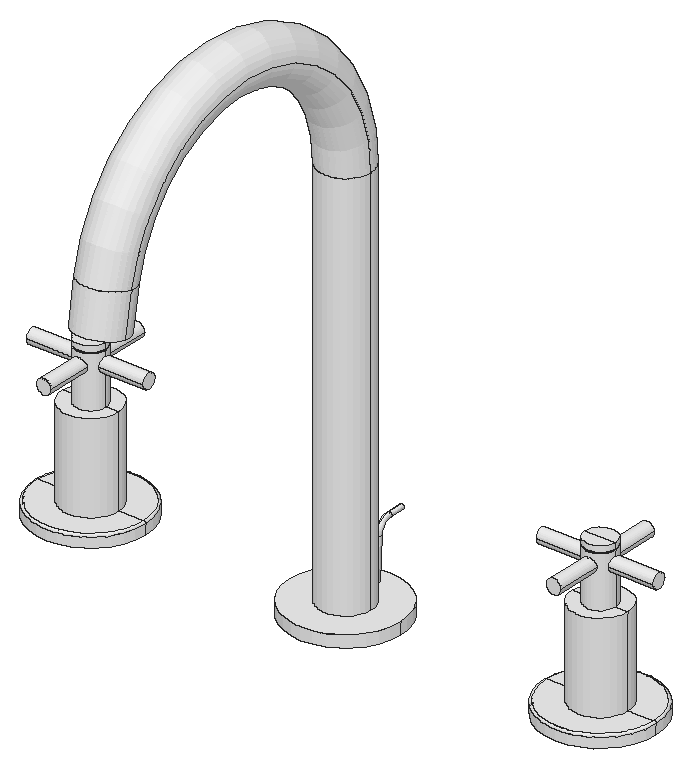
Revit family "Faucet-Lavatory-Grohe-Atrio-18026_Series", category Plumbing Fixtures, Revit 2014
Parameters (values of type "18026003")
  cUPC Compliant = yes
  Waste Connection = no
  Warranty Documentation Link = "https://cdn.cloud.grohe.com/tpi/1000/1900/1940/1949/1949006/original/1949006.pdf"
  WFU = 2  # constant formula
  Vent Connection = no
  URL = "http://www.grohe.com"
  Product Page URL = "https://www.grohe.us/en_us/atrio-cross-handles-18026003.html"
  Price = "Prices may vary. Please consult Manufacturer Representative for most up-to-date price list."  # constant formula
  Model = "18026003"
  Material = "Metal-Grohe-003-Chrome"
  Manufacturer = "Grohe"
  Length = 6"
  Installation Type = "Deck-Mounted"
  Hot Water Connection Diameter = 3/8"
  Height = 11 3/8"
  Handle Distance [instance] = 10"
  HWFU = 1.5  # constant formula
  HW Connection = yes
  Flow Rate = "1.5 gpm (5.7 L/min)"
  Finish = Metal-Grohe-003-Chrome
  Description = "Atrio Three-hole basin mixer 1/2\" M-Size"
  Default Elevation = 0"
  Creation Date = "11/05/2018"  # constant formula
  Cold Water Connection Diameter = 3/8"
  CalGreen Compliant = yes
  CWFU = 1.5  # constant formula
  CW Connection = yes
  Assembly Code = "D2020300"
Types (3): name | Product Page URL | Model | Material | Finish
  (no name) | "https://www.grohe.us/en_us/atrio-cross-handles-18026003.html" | "18026003" | "Metal-Grohe-003-Chrome" | Metal-Grohe-003-Chrome
  18026003 | "https://www.grohe.us/en_us/atrio-cross-handles-18026003.html" | "18026003" | "Metal-Grohe-003-Chrome" | Metal-Grohe-003-Chrome
  18026EN3 | "https://www.grohe.us/en_us/atrio-cross-handles-18026EN3.html" | "18026EN3" | "Metal-Grohe-EN3-Brushed Nickel" | Metal-Grohe-EN3-Brushed Nickel
Reference planes (in)
  plane 1 "Center (Front/Back)": y = 0
  plane 2: z = 0
  plane 3 "Center (Left/Right)": x = 0
  plane 4: x = 5
  plane 5: x = -5
  plane 6: x = -3.90625
  plane 7: x = -6.09375
  plane 8: x = 1.09375
  plane 9: x = -1.09375
  plane 10: y = -6
  plane 11: z = 4.125
  plane 12: z = 1.75
  plane 13: x = -7.625
  plane 14: x = -0.81909
  plane 15: x = 0.81909
  plane 16: x = 3.90625
  plane 17: x = 6.09375
  plane 18: x = 7.625
  plane 19: y = -5.77806
  plane 20: z = 2.8485
  plane 21: z = 7.625
  plane 22: through (0, -6, 7.625) normal (0, -0.9848, 0.1736)
  plane 23: z = 11.375
  plane 24: z = 10.875
  plane 25: x = -6.14329
  plane 26: x = -3.85671
  plane 27: x = 6.14329
  plane 28: x = 3.85671
Forms (in)
  Revolve 1, solid, material "Metal-Grohe-003-Chrome" <- "Finish"
    sketch origin (0, 0, 0) x (1, 0, 0) y (0, 0, 1)
      loop
        line (-5, 0) -> (-3.91764, 0) -> (-3.91764, 0.19551)
        arc (-3.91764, 0.19551) -> (-3.92956, 0.2243) -> (-3.95835, 0.23622) r 0.04071
        line (-3.95835, 0.23622) -> (-4.45463, 0.23622) -> (-4.45463, 1.97644) -> (-4.70463, 1.97644) -> (-4.70463, 2.97125) -> (-4.73686, 2.97125) -> (-4.73686, 3.00425) -> (-4.70463, 3.00425) -> (-4.70463, 3.10594) -> (-5, 3.10594) -> (-5, 0)
      axis (-5, 3.10594) -> (-5, 0)
    angle from 0 to 360
  Revolve 2, solid, material "Metal-Grohe-003-Chrome" <- "Finish"
    sketch origin (0, 0, 0) x (-1, 0, 0) y (0, 0, 1)
      loop
        line (-5, 0) -> (-5, 3.10594) -> (-5.29537, 3.10594) -> (-5.29537, 3.00425) -> (-5.26314, 3.00425) -> (-5.26314, 2.97125) -> (-5.29537, 2.97125) -> (-5.29537, 1.97644) -> (-5.54537, 1.97644) -> (-5.54537, 0.23622) -> (-6.05304, 0.23622)
        arc (-6.05304, 0.23622) -> (-6.08182, 0.2243) -> (-6.09375, 0.19551) r 0.04071
        line (-6.09375, 0.19551) -> (-6.09375, 0) -> (-5, 0)
      axis (-5, 3.10594) -> (-5, 0)
    angle from 0 to 360
  Sweep 3, solid, material "Metal-Grohe-003-Chrome" <- "Finish"
    path origin (0, 0, 0) x (0, 1, 0) y (0, 0, 1)
      loop
        line (-6, 7.625) -> (-5.85689, 8.43663)
        arc (-5.85689, 8.43663) -> (-2.69367, 10.86385) -> (0, 7.92422) r 2.95086
        line (0, 7.92422) -> (0, 0.23622)
    profile origin (0, 0, 4.08022) x (1, 0, 0) y (0, 1, 0)
      loop
        circle (0, 0) r 0.5
  Extrusion 4, solid, material "Metal-Grohe-003-Chrome" <- "Finish"
    sketch origin (0, 0, 0.03125) x (1, 0, 0) y (0, 0, 1)
      loop
        circle (-5, 2.69969) r 0.14063
      loop
        circle (5, 2.69969) r 0.14063
    from -1.14329 to 1.14329
  Extrusion 5, solid, material "Metal-Grohe-003-Chrome" <- "Finish"
    sketch origin (0, 0, 0) x (0, 1, 0) y (0, 0, 1)
      loop
        circle (0, 2.73094) r 0.13992
    from -6.14329 to -3.85671
  Extrusion 6, solid, material "Metal-Grohe-003-Chrome" <- "Finish"
    sketch origin (0, 0, 0) x (0, 1, 0) y (0, 0, -1)
      loop
        circle (0, -2.73094) r 0.13992
    from -6.14329 to -3.85671
  Extrusion 7, solid, material "Metal-Grohe-003-Chrome" <- "Finish"
    sketch origin (0, 0, 0) x (1, 0, 0) y (0, 1, 0)
      loop
        circle (0, 0) r 1.08278
    from 0 to 0.23622
  Sweep 8, solid, material "Metal-Grohe-003-Chrome" <- "Finish"
    path origin (0, 0, 0) x (0, 1, 0) y (0, 0, 1)
      loop
        line (0.76813, 0.05497) -> (0.8193, 1.03139)
        arc (0.8193, 1.03139) -> (0.89687, 1.19965) -> (1.06896, 1.2683) r 0.25
        line (1.06896, 1.2683) -> (1.38417, 1.2683)
    profile origin (0, 0.79372, 0.54318) x (0, -0.99863, 0.052336) y (1, 0, 0)
      loop
        circle (0, 0) r 0.04489
Cuts and joins
  joined: Revolve 1, Revolve 2, Sweep 3, Extrusion 4, Extrusion 5, Extrusion 6, Extrusion 7, Sweep 8
Lines and regions (in)
  Masking region 1
    outline origin (0, 0, 0) x (1, 0, 0) y (0, 1, 0)
      loop
        arc (0.5, -0.96042) -> (1.05685, 0.23552) -> (0.04489, 1.08185) r 1.08278
        line (0.04489, 1.08185) -> (0.04489, 1.38417) -> (-0.04489, 1.38417) -> (-0.04489, 1.08185)
        arc (-0.04489, 1.08185) -> (-1.05685, 0.23552) -> (-0.5, -0.96042) r 1.08278
        line (-0.5, -0.96042) -> (-0.5, -6)
        arc (-0.5, -6) -> (0, -6.5) -> (0.5, -6) r 0.5
        line (0.5, -6) -> (0.5, -0.96042)
      loop
        arc (-4.85937, -1.07319) -> (-4.23465, -0.76535) -> (-3.92681, -0.14062) r 1.08236
        line (-3.92681, -0.14062) -> (-3.85671, -0.14063) -> (-3.85671, 0.14062) -> (-3.92681, 0.14062)
        arc (-3.92681, 0.14062) -> (-4.23465, 0.76535) -> (-4.85937, 1.07319) r 1.08236
        line (-4.85937, 1.07319) -> (-4.85937, 1.14329) -> (-5.14062, 1.14329) -> (-5.14062, 1.07319)
        arc (-5.14062, 1.07319) -> (-5.76535, 0.76535) -> (-6.07319, 0.14063) r 1.08236
        line (-6.07319, 0.14063) -> (-6.14329, 0.14062) -> (-6.14329, -0.14063) -> (-6.07319, -0.14063)
        arc (-6.07319, -0.14063) -> (-5.76535, -0.76535) -> (-5.14062, -1.07319) r 1.08236
        line (-5.14062, -1.07319) -> (-5.14062, -1.14329) -> (-4.85937, -1.14329) -> (-4.85937, -1.07319)
      loop
        arc (5.14063, -1.07319) -> (5.76535, -0.76535) -> (6.07319, -0.14063) r 1.08236
        line (6.07319, -0.14063) -> (6.14329, -0.14063) -> (6.14329, 0.14062) -> (6.07319, 0.14062)
        arc (6.07319, 0.14062) -> (5.76535, 0.76535) -> (5.14063, 1.07319) r 1.08236
        line (5.14063, 1.07319) -> (5.14063, 1.14329) -> (4.85938, 1.14329) -> (4.85938, 1.07319)
        arc (4.85938, 1.07319) -> (4.23465, 0.76535) -> (3.92681, 0.14062) r 1.08236
        line (3.92681, 0.14062) -> (3.85671, 0.14062) -> (3.85671, -0.14063) -> (3.92681, -0.14063)
        arc (3.92681, -0.14063) -> (4.23465, -0.76535) -> (4.85938, -1.07319) r 1.08236
        line (4.85938, -1.07319) -> (4.85938, -1.14329) -> (5.14063, -1.14329) -> (5.14063, -1.07319)
  symbolic lines, detail levels medium+fine
    curve 1: line (-5.14062, 1.07319, 0) -> (-5.14062, 0.52693, 0)
    curve 2: line (-6.07319, 0.14062, 0) -> (-5.52693, 0.14062, 0)
    curve 3: line (-6.07319, -0.14063, 0) -> (-5.52693, -0.14063, 0)
    curve 4: line (-5.14062, -1.07319, 0) -> (-5.14062, -0.52693, 0)
    curve 5: line (-4.85937, -1.07319, 0) -> (-4.85937, -0.52693, 0)
    curve 6: line (-3.92681, -0.14063, 0) -> (-4.47307, -0.14063, 0)
    curve 7: line (-3.92681, 0.14062, 0) -> (-4.47307, 0.14062, 0)
    curve 8: line (-4.85937, 1.07319, 0) -> (-4.85937, 0.52693, 0)
    curve 9: arc (-5.14062, 0.52693, 0) -> (-5.38564, 0.38564, 0) -> (-5.52693, 0.14063, 0) r 0.54537
    curve 10: arc (-4.47307, 0.14063, 0) -> (-4.61436, 0.38564, 0) -> (-4.85937, 0.52693, 0) r 0.54537
    curve 11: arc (-4.85937, -0.52693, 0) -> (-4.61436, -0.38564, 0) -> (-4.47307, -0.14062, 0) r 0.54537
    curve 12: arc (-5.14062, -0.52693, 0) -> (-5.38564, -0.38564, 0) -> (-5.52693, -0.14062, 0) r 0.54537
    curve 13: line (5.14063, 1.07319, 0) -> (5.14063, 0.52693, 0)
    curve 14: line (6.07319, 0.14062, 0) -> (5.52693, 0.14062, 0)
    curve 15: line (6.07319, -0.14063, 0) -> (5.52693, -0.14063, 0)
    curve 16: line (5.14063, -1.07319, 0) -> (5.14063, -0.52693, 0)
    curve 17: line (4.85938, -1.07319, 0) -> (4.85938, -0.52693, 0)
    curve 18: line (3.92681, -0.14063, 0) -> (4.47307, -0.14063, 0)
    curve 19: line (3.92681, 0.14062, 0) -> (4.47307, 0.14062, 0)
    curve 20: line (4.85938, 1.07319, 0) -> (4.85938, 0.52693, 0)
    curve 21: arc (5.14063, 0.52693, 0) -> (5.38564, 0.38564, 0) -> (5.52693, 0.14063, 0) r 0.54537
    curve 22: arc (4.47307, 0.14063, 0) -> (4.61436, 0.38564, 0) -> (4.85938, 0.52693, 0) r 0.54537
    curve 23: arc (4.85938, -0.52693, 0) -> (4.61436, -0.38564, 0) -> (4.47307, -0.14062, 0) r 0.54537
    curve 24: arc (5.14063, -0.52693, 0) -> (5.38564, -0.38564, 0) -> (5.52693, -0.14063, 0) r 0.54537
  symbolic lines, detail levels fine
    curve 25: arc (0.5, 0, 0) -> (0, 0.5, 0) -> (-0.5, 0, 0) r 0.5
    curve 26: line (-0.5, 0, 0) -> (-0.5, -0.96042, 0)
    curve 27: line (0.5, -0.96042, 0) -> (0.5, 0, 0)
    curve 28: circle (-5, 0, 0) r 0.29537 normal (0, 0, 1)
    curve 29: circle (5, 0, 0) r 0.29537 normal (0, 0, 1)
    curve 30: line (4.85938, 0.52693, 0) -> (4.85938, 0.25975, 0)
    curve 31: line (5.14063, 0.52693, 0) -> (5.14063, 0.25975, 0)
    curve 32: line (5.52693, 0.14062, 0) -> (5.25975, 0.14062, 0)
    curve 33: line (5.52693, -0.14063, 0) -> (5.25975, -0.14063, 0)
    curve 34: line (4.47307, -0.14063, 0) -> (4.74025, -0.14063, 0)
    curve 35: line (4.47307, 0.14062, 0) -> (4.74025, 0.14062, 0)
    curve 36: line (-5.14062, 0.52693, 0) -> (-5.14062, 0.25975, 0)
    curve 37: line (-4.85937, 0.52693, 0) -> (-4.85937, 0.25975, 0)
    curve 38: line (-4.47307, 0.14062, 0) -> (-4.74025, 0.14062, 0)
    curve 39: line (-4.47307, -0.14063, 0) -> (-4.74025, -0.14063, 0)
    curve 40: line (-4.85937, -0.52693, 0) -> (-4.85937, -0.25975, 0)
    curve 41: line (-5.14062, -0.52693, 0) -> (-5.14062, -0.25975, 0)
    curve 42: line (-5.52693, -0.14063, 0) -> (-5.25975, -0.14063, 0)
    curve 43: line (-5.52693, 0.14062, 0) -> (-5.25975, 0.14062, 0)
    curve 44: line (-0.04489, 1.08185, 0) -> (-0.04489, 0.77684, 0)
    curve 45: arc (-0.04489, 0.77684, 0) -> (0, 0.73195, 0) -> (0.04489, 0.77684, 0) r 0.04489
    curve 46: line (0.04489, 0.77684, 0) -> (0.04489, 1.08185, 0)
    curve 47: line (4.85938, -0.52693, 0) -> (4.85938, -0.25975, 0)
    curve 48: line (5.14063, -0.52693, 0) -> (5.14063, -0.25975, 0)
Dimensions and locks (in)
  "Handle Distance": plane 5 to plane 4
  plane 11 to plane 2 = 4 1/8"
  locked: plane 7 to plane 6 at 2.1875
  plane 9 to plane 8 = 2 3/16"
  plane 11 to level = 4 1/8"
  plane 1 "Center (Front/Back)" to plane 10 = 6"
  locked: plane 6 to plane 5 at 1.09375
  locked: plane 13 to plane 5 at 2.625
  locked: plane 17 to plane 16 at 2.1875
  locked: plane 4 to plane 16 at 1.09375
  locked: plane 18 to plane 4 at 2.625
  equal spacing: plane 5, plane 3 "Center (Left/Right)", plane 4
  plane 21 to level = 7 5/8"
  plane 23 to level = 11 3/8"
  equal spacing: plane 25, plane 5, plane 26
  locked: plane 25 to plane 26 at 2.28658
  equal spacing: plane 28, plane 4, plane 27
  locked: plane 28 to plane 27 at 2.28658
  angle plane 10 to plane 22 = 10.00°
  aligned and locked: plane 5 to Revolve 1 sketch curve  (x2)
  aligned and locked: Revolve 2 sketch curve to plane 17
  aligned and locked: Masking region 1 to Extrusion 5  (x2)
  aligned and locked: plane 28 to cut or joined group of Revolve 1, Revolve 2, Sweep 3, Extrusion 4, Extrusion 5, Extrusion 6, Extrusion 7, Sweep 8
  aligned and locked: cut or joined group of Revolve 1, Revolve 2, Sweep 3, Extrusion 4, Extrusion 5, Extrusion 6, Extrusion 7, Sweep 8 to plane 27
  aligned and locked: Extrusion 5 to plane 26
Automatic sketch dimensions
  Revolve 1 sketch curve to level = 0"
  Revolve 1 sketch curve to plane 20 = 0.12275"
  Revolve 1 sketch curve to plane 5 = 0.26314"
  Revolve 1 sketch curve to Revolve 1 sketch curve = 0.03224"  (x2)
  Revolve 1 sketch curve to Revolve 1 sketch curve = 1/4"
  Revolve 1 sketch curve to plane 6 = 0.0521"
  Revolve 1 sketch curve to plane 6 = 0.01139"
  level to Revolve 1 sketch curve = 0.19551"
  Revolve 1 sketch curve to plane 12 = 0.22644"
  Revolve 1 sketch curve to Revolve 1 sketch curve = 0.033"
  Revolve 1 sketch curve to Revolve 1 sketch curve = 0.10169"
  Revolve 1 sketch curve to Revolve 1 sketch curve = 0.33455"
  Revolve 1 sketch curve to Revolve 1 sketch curve = 0.41545"
  Revolve 2 sketch curve to level = 0"
  Revolve 2 sketch curve to plane 4 = 0"  (x2)
  Revolve 2 sketch curve to Revolve 2 sketch curve = 0.04071"
  plane 12 to Revolve 2 sketch curve = 0.22644"
  Revolve 2 sketch curve to plane 4 = 0.54537"
  plane 20 to Revolve 2 sketch curve = 0.12275"
  Revolve 2 sketch curve to plane 4 = 0.29537"
  Revolve 2 sketch curve to Revolve 2 sketch curve = 0"
  Revolve 2 sketch curve to Revolve 2 sketch curve = 0.03224"
  Revolve 2 sketch curve to Revolve 2 sketch curve = 0.19551"
  Revolve 2 sketch curve to Revolve 2 sketch curve = 0.033"
  Revolve 2 sketch curve to Revolve 2 sketch curve = 0.10169"
  level to Revolve 2 sketch curve = 0.33455"
  Revolve 2 sketch curve to Revolve 2 sketch curve = 0.41545"
  Sweep 3 sketch curve to plane 3 "Center (Left/Right)" = 0"
  profile plane to Sweep 3 sketch curve = 0"
  plane 5 to Extrusion 4 sketch curve = 0"
  Extrusion 4 sketch curve to plane 4 = 0"
  plane 20 to Extrusion 4 sketch curve = 0.11756"  (x2)
  Extrusion 5 sketch curve to plane 1 "Center (Front/Back)" = 0"
  plane 20 to Extrusion 5 sketch curve = 0.11756"
  Extrusion 6 sketch curve to plane 1 "Center (Front/Back)" = 0"
  plane 20 to Extrusion 6 sketch curve = 0.11756"
  plane 1 "Center (Front/Back)" to Extrusion 7 sketch curve = 0"
  Extrusion 7 sketch curve to plane 3 "Center (Left/Right)" = 0"
  Sweep 3 sketch curve to plane 10 = 0"
  Sweep 3 sketch curve to plane 22 = 0"
  Sweep 3 sketch curve to plane 1 "Center (Front/Back)" = 0"
  Sweep 3 sketch curve to plane 21 = 0"
  Sweep 3 sketch curve to plane 19 = 0.07883"
  plane 21 to Sweep 3 sketch curve = 0.29922"
  level to Sweep 3 sketch curve = 0.23622"
  Sweep 8 sketch curve to plane 1 "Center (Front/Back)" = 0.8193"
  Sweep 8 sketch curve to Sweep 8 sketch curve = 0.24966"
  plane 12 to Sweep 8 sketch curve = 0.7317"
  Sweep 8 sketch curve to Sweep 8 sketch curve = 0.01308"
  level to Sweep 8 sketch curve = 0.05497"
  Sweep 8 sketch curve to plane 1 "Center (Front/Back)" = 0.76813"
  Sweep 8 sketch curve to Sweep 8 sketch curve = 0.3152"
  Sweep 8 sketch curve to plane 3 "Center (Left/Right)" = 0"
  Sweep 8 sketch curve to profile plane = 0"
  Masking region 1 sketch curve to Masking region 1 sketch curve = 0"  (x26)
  plane 1 "Center (Front/Back)" to Masking region 1 sketch curve = 0"  (x3)
  Masking region 1 sketch curve to plane 5 = 0"
  plane 10 to Masking region 1 sketch curve = 0"  (x2)
  Masking region 1 sketch curve to plane 3 "Center (Left/Right)" = 0"  (x2)
  Masking region 1 sketch curve to plane 4 = 0"
  plane 5 to Masking region 1 sketch curve = 9/64"  (x2)
  Masking region 1 sketch curve to plane 7 = 0.02056"  (x2)
  plane 7 to Masking region 1 sketch curve = 0.04954"
  Masking region 1 sketch curve to plane 5 = 9/64"  (x2)
  Masking region 1 sketch curve to plane 6 = 0.02056"  (x2)
  plane 6 to Masking region 1 sketch curve = 0.04954"
  plane 14 to Masking region 1 sketch curve = 0.31909"
  Masking region 1 sketch curve to plane 3 "Center (Left/Right)" = 0.04489"
  plane 3 "Center (Left/Right)" to Masking region 1 sketch curve = 0.04489"
  plane 16 to Masking region 1 sketch curve = 0.04954"
  Masking region 1 sketch curve to plane 16 = 0.02056"  (x2)
  Masking region 1 sketch curve to plane 4 = 9/64"  (x2)
  plane 4 to Masking region 1 sketch curve = 9/64"  (x2)
  Masking region 1 sketch curve to plane 17 = 0.02056"  (x2)
  plane 17 to Masking region 1 sketch curve = 0.04954"
  plane 1 "Center (Front/Back)" to Masking region 1 sketch curve = 1.14329"  (x2)
  Masking region 1 sketch curve to Masking region 1 sketch curve = 0.0701"  (x6)
  plane 1 "Center (Front/Back)" to Masking region 1 sketch curve = 0.96042"  (x2)
  Masking region 1 sketch curve to plane 1 "Center (Front/Back)" = 9/64"  (x4)
  Masking region 1 sketch curve to Masking region 1 sketch curve = 0.30232"
  curve 9 to curve 10 = 0"  (x2)
  curve 9 to curve 11 = 0"  (x2)
  curve 9 to curve 12 = 0"  (x2)
  curve 9 to curve 28 = 0"  (x2)
  curve 10 to curve 11 = 0"  (x2)
  curve 10 to curve 12 = 0"  (x2)
  curve 10 to curve 28 = 0"  (x2)
  curve 11 to curve 12 = 0"  (x2)
  curve 11 to curve 28 = 0"  (x2)
  curve 12 to curve 28 = 0"  (x2)
  curve 21 to curve 22 = 0"  (x2)
  curve 21 to curve 23 = 0"  (x2)
  curve 21 to curve 24 = 0"  (x2)
  curve 21 to curve 29 = 0"  (x2)
  curve 22 to curve 23 = 0"  (x2)
  curve 22 to curve 24 = 0"  (x2)
  curve 22 to curve 29 = 0"  (x2)
  curve 23 to curve 24 = 0"  (x2)
  curve 23 to curve 29 = 0"  (x2)
  curve 24 to curve 29 = 0"  (x2)
  plane 1 "Center (Front/Back)" to curve 9 = 0"
  curve 9 to plane 5 = 0"
  plane 1 "Center (Front/Back)" to curve 25 = 0"
  curve 45 to plane 3 "Center (Left/Right)" = 0"
  curve 25 to plane 3 "Center (Left/Right)" = 0"
  plane 1 "Center (Front/Back)" to curve 24 = 0"
  curve 24 to plane 4 = 0"
  plane 5 to curve 36 = 9/64"
  plane 5 to curve 41 = 9/64"
  plane 1 "Center (Front/Back)" to curve 42 = 9/64"
  curve 42 to curve 41 = 0.38631"
  curve 43 to plane 1 "Center (Front/Back)" = 9/64"
  curve 43 to curve 12 = 0"
  curve 37 to plane 5 = 9/64"
  curve 5 to plane 5 = 9/64"
  plane 1 "Center (Front/Back)" to curve 39 = 9/64"
  curve 40 to curve 39 = 0.38631"
  curve 38 to plane 1 "Center (Front/Back)" = 9/64"
  curve 38 to curve 11 = 0"
  plane 14 to curve 26 = 0.31909"
  curve 44 to plane 3 "Center (Left/Right)" = 0.04489"
  plane 1 "Center (Front/Back)" to curve 18 = 9/64"
  curve 18 to plane 4 = 0.52693"
  curve 19 to plane 1 "Center (Front/Back)" = 9/64"
  curve 19 to curve 23 = 0"
  curve 47 to plane 4 = 9/64"
  curve 20 to plane 4 = 9/64"
  plane 4 to curve 13 = 9/64"
  plane 4 to curve 48 = 9/64"
  curve 14 to plane 1 "Center (Front/Back)" = 9/64"
  curve 31 to curve 14 = 0.38631"
  plane 1 "Center (Front/Back)" to curve 15 = 9/64"
  curve 15 to curve 14 = 0"
  curve 44 to plane 1 "Center (Front/Back)" = 0.77684"
  curve 42 to curve 41 = 0.11913"
  curve 3 to plane 7 = 0.02056"
  curve 2 to plane 7 = 0.02056"
  curve 7 to plane 6 = 0.02056"
  curve 6 to plane 6 = 0.02056"
  curve 19 to plane 16 = 0.02056"
  curve 18 to plane 16 = 0.02056"
  curve 34 to curve 47 = 0.11913"
  curve 15 to plane 17 = 0.02056"
  curve 14 to plane 17 = 0.02056"
  plane 1 "Center (Front/Back)" to curve 27 = 0.96042"
  plane 1 "Center (Front/Back)" to curve 26 = 0.96042"
  curve 17 to curve 17 = 0.54626"
  curve 4 to curve 12 = 0.54626"
  curve 4 to curve 5 = 0"
  curve 17 to curve 16 = 0"
  curve 22 to curve 20 = 0.54626"
  curve 20 to curve 13 = 0"
  curve 10 to curve 8 = 0.54626"
  curve 1 to curve 8 = 0"
  curve 45 to curve 44 = 0.30501"
  curve 44 to curve 46 = 0"
  radius of Sweep 3 sketch curve = 1/2"
  radius of Extrusion 4 sketch curve = 9/64"  (x2)
  radius of Extrusion 5 sketch curve = 0.13992"
  radius of Extrusion 6 sketch curve = 0.13992"
  radius of Extrusion 7 sketch curve = 1.08278"
  radius of Sweep 8 sketch curve = 0.04489"
Connectors (in)
  piping at (-5, 0, 0), diameter 0.375, driven by "Cold Water Connection Diameter", driven by "HWFU"
    settings: on cut or joined group of Revolve 1, Revolve 2, Sweep 3, Extrusion 4, Extrusion 5, Extrusion 6, Extrusion 7, Sweep 8, index 1, connector inside diameter 24", connector length 0", flow factor 0, pipe flow 0 GPM, pressure drop 0.00 psi, fitting loss kfactor 0, connector angle 0.00°, fixture units 1.5, engagement length 0", angle of deflection 0.00°, flow configuration 3, flow direction 1, fitting loss method 0, system type 19, joint type 0, gender type 0, connector reference index -1, connector utility 0, adjustable connector no, is connector primary yes, connector description "3/8\" HW Inlet Connection"
  piping at (5, 0, 0), diameter 0.375, driven by "CWFU", driven by "Cold Water Connection Diameter"
    settings: on cut or joined group of Revolve 1, Revolve 2, Sweep 3, Extrusion 4, Extrusion 5, Extrusion 6, Extrusion 7, Sweep 8, index 2, connector inside diameter 24", connector length 0", flow factor 0, pipe flow 0 GPM, pressure drop 0.00 psi, fitting loss kfactor 0, connector angle 0.00°, fixture units 1.5, engagement length 0", angle of deflection 0.00°, flow configuration 3, flow direction 1, fitting loss method 0, system type 20, joint type 0, gender type 0, connector reference index -1, connector utility 0, adjustable connector no, is connector primary no, connector description "3/8\" CW Inlet Connection"
